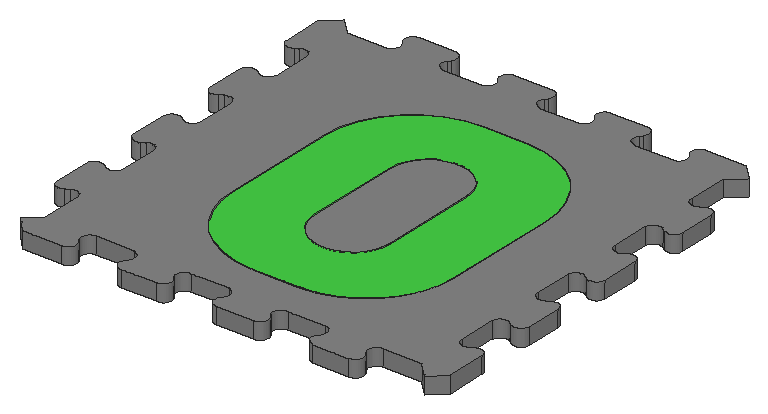
Revit family "Kids_Toy", category Generic Models, Revit 2021 (continued)
Forms (mm)
  Extrusion 13, solid, material "09", visible <- "NUM_9"
    sketch origin (-250, -250, 0) x (1, 0, 0) y (0, 1, 0)
      loop
        arc (197.33, 517.678) -> (188.46, 512.295) -> (189.139, 501.942) r 10
        line (189.139, 501.942) -> (191.858, 498.058)
        arc (191.858, 498.058) -> (192.537, 487.705) -> (183.667, 482.322) r 10
        line (183.667, 482.322) -> (137.33, 482.322)
        arc (137.33, 482.322) -> (128.46, 487.705) -> (129.139, 498.058) r 10
        line (129.139, 498.058) -> (131.858, 501.942)
        arc (131.858, 501.942) -> (132.537, 512.295) -> (123.667, 517.678) r 10
        line (123.667, 517.678) -> (79.509, 517.678)
        arc (79.509, 517.678) -> (70.639, 512.295) -> (71.318, 501.942) r 10
        line (71.318, 501.942) -> (74.037, 498.058)
        arc (74.037, 498.058) -> (74.716, 487.705) -> (65.846, 482.322) r 10
        line (65.846, 482.322) -> (17.678, 482.322) -> (0, 500) -> (-17.678, 482.322) -> (-17.678, 434.154)
        arc (-17.678, 434.154) -> (-12.295, 425.284) -> (-1.942, 425.963) r 10
        line (-1.942, 425.963) -> (1.942, 428.682)
        arc (1.942, 428.682) -> (12.295, 429.361) -> (17.678, 420.491) r 10
        line (17.678, 420.491) -> (17.678, 374.154)
        arc (17.678, 374.154) -> (12.295, 365.284) -> (1.942, 365.963) r 10
        line (1.942, 365.963) -> (-1.942, 368.682)
        arc (-1.942, 368.682) -> (-12.295, 369.361) -> (-17.678, 360.491) r 10
        line (-17.678, 360.491) -> (-17.678, 316.832)
        arc (-17.678, 316.832) -> (-12.295, 307.962) -> (-1.942, 308.64) r 10
        line (-1.942, 308.64) -> (1.942, 311.36)
        arc (1.942, 311.36) -> (12.295, 312.038) -> (17.678, 303.168) r 10
        line (17.678, 303.168) -> (17.678, 256.832)
        arc (17.678, 256.832) -> (12.295, 247.962) -> (1.942, 248.64) r 10
        line (1.942, 248.64) -> (-1.942, 251.36)
        arc (-1.942, 251.36) -> (-12.295, 252.038) -> (-17.678, 243.168) r 10
        line (-17.678, 243.168) -> (-17.678, 197.33)
        arc (-17.678, 197.33) -> (-12.295, 188.46) -> (-1.942, 189.139) r 10
        line (-1.942, 189.139) -> (1.942, 191.858)
        arc (1.942, 191.858) -> (12.295, 192.537) -> (17.678, 183.667) r 10
        line (17.678, 183.667) -> (17.678, 137.33)
        arc (17.678, 137.33) -> (12.295, 128.46) -> (1.942, 129.139) r 10
        line (1.942, 129.139) -> (-1.942, 131.858)
        arc (-1.942, 131.858) -> (-12.295, 132.537) -> (-17.678, 123.667) r 10
        line (-17.678, 123.667) -> (-17.678, 79.509)
        arc (-17.678, 79.509) -> (-12.295, 70.639) -> (-1.942, 71.318) r 10
        line (-1.942, 71.318) -> (1.942, 74.037)
        arc (1.942, 74.037) -> (12.295, 74.716) -> (17.678, 65.846) r 10
        line (17.678, 65.846) -> (17.678, 17.678) -> (0, 0)
      loop
        arc (236.18, 420.291) -> (127.245, 311.694) -> (235.503, 202.422) r 108.936
        line (235.503, 202.422) -> (306.172, 202.422)
        arc (306.172, 202.422) -> (280.218, 140.345) -> (219.524, 169.387) r 46.425
        line (219.524, 169.387) -> (128.092, 156.537)
        arc (128.092, 156.537) -> (164.107, 88.419) -> (236.18, 61.168) r 108.936
        line (236.18, 61.168) -> (291.18, 61.168)
        arc (291.18, 61.168) -> (368.209, 93.075) -> (400.115, 170.104) r 108.936
        line (400.115, 170.104) -> (400.115, 311.355)
        arc (400.115, 311.355) -> (368.209, 388.384) -> (291.18, 420.291) r 108.936
        line (291.18, 420.291) -> (236.18, 420.291)
      loop
        arc (312.469, 306.521) -> (266.053, 353.833) -> (219.637, 306.521) r 46.425
        arc (219.637, 306.521) -> (266.053, 259.21) -> (312.469, 306.521) r 46.425
    from 0 to 20
  Extrusion 14, solid, material "02", visible <- "NUM_9"
    sketch origin (-250, -250, 0) x (1, 0, 0) y (0, 1, 0)
      loop
        arc (236.18, 420.291) -> (127.245, 311.694) -> (235.503, 202.422) r 108.936
        line (235.503, 202.422) -> (306.172, 202.422)
        arc (306.172, 202.422) -> (280.218, 140.345) -> (219.524, 169.387) r 46.425
        line (219.524, 169.387) -> (128.092, 156.537)
        arc (128.092, 156.537) -> (164.107, 88.419) -> (236.18, 61.168) r 108.936
        line (236.18, 61.168) -> (291.18, 61.168)
        arc (291.18, 61.168) -> (368.209, 93.075) -> (400.115, 170.104) r 108.936
        line (400.115, 170.104) -> (400.115, 311.355)
        arc (400.115, 311.355) -> (368.209, 388.384) -> (291.18, 420.291) r 108.936
        line (291.18, 420.291) -> (236.18, 420.291)
      loop
        arc (312.469, 306.521) -> (266.053, 353.833) -> (219.637, 306.521) r 46.425
        arc (219.637, 306.521) -> (266.053, 259.21) -> (312.469, 306.521) r 46.425
    from 0 to 20
  Extrusion 15, solid, material "00", visible <- "NUM_0"
    sketch origin (-250, -250, 0) x (1, 0, 0) y (0, 1, 0)
      loop
        line (0, 0) -> (17.678, -17.678) -> (65.846, -17.678)
        arc (65.846, -17.678) -> (74.716, -12.295) -> (74.037, -1.942) r 10
        line (74.037, -1.942) -> (71.318, 1.942)
        arc (71.318, 1.942) -> (70.639, 12.295) -> (79.509, 17.678) r 10
        line (79.509, 17.678) -> (125.846, 17.678)
        arc (125.846, 17.678) -> (134.716, 12.295) -> (134.037, 1.942) r 10
        line (134.037, 1.942) -> (131.318, -1.942)
        arc (131.318, -1.942) -> (130.639, -12.295) -> (139.509, -17.678) r 10
        line (139.509, -17.678) -> (183.168, -17.678)
        arc (183.168, -17.678) -> (192.038, -12.295) -> (191.36, -1.942) r 10
        line (191.36, -1.942) -> (188.64, 1.942)
        arc (188.64, 1.942) -> (187.962, 12.295) -> (196.832, 17.678) r 10
        line (196.832, 17.678) -> (243.168, 17.678)
        arc (243.168, 17.678) -> (252.038, 12.295) -> (251.36, 1.942) r 10
        line (251.36, 1.942) -> (248.64, -1.942)
        arc (248.64, -1.942) -> (247.962, -12.295) -> (256.832, -17.678) r 10
        line (256.832, -17.678) -> (302.67, -17.678)
        arc (302.67, -17.678) -> (311.54, -12.295) -> (310.861, -1.942) r 10
        line (310.861, -1.942) -> (308.142, 1.942)
        arc (308.142, 1.942) -> (307.463, 12.295) -> (316.333, 17.678) r 10
        line (316.333, 17.678) -> (362.67, 17.678)
        arc (362.67, 17.678) -> (371.54, 12.295) -> (370.861, 1.942) r 10
        line (370.861, 1.942) -> (368.142, -1.942)
        arc (368.142, -1.942) -> (367.463, -12.295) -> (376.333, -17.678) r 10
        line (376.333, -17.678) -> (420.491, -17.678)
        arc (420.491, -17.678) -> (429.361, -12.295) -> (428.682, -1.942) r 10
        line (428.682, -1.942) -> (425.963, 1.942)
        arc (425.963, 1.942) -> (425.284, 12.295) -> (434.154, 17.678) r 10
        line (434.154, 17.678) -> (482.322, 17.678) -> (500, 0) -> (517.678, 17.678) -> (517.678, 65.846)
        arc (517.678, 65.846) -> (512.295, 74.716) -> (501.942, 74.037) r 10
        line (501.942, 74.037) -> (498.058, 71.318)
        arc (498.058, 71.318) -> (487.705, 70.639) -> (482.322, 79.509) r 10
        line (482.322, 79.509) -> (482.322, 125.846)
        arc (482.322, 125.846) -> (487.705, 134.716) -> (498.058, 134.037) r 10
        line (498.058, 134.037) -> (501.942, 131.318)
        arc (501.942, 131.318) -> (512.295, 130.639) -> (517.678, 139.509) r 10
        line (517.678, 139.509) -> (517.678, 183.168)
        arc (517.678, 183.168) -> (512.295, 192.038) -> (501.942, 191.36) r 10
        line (501.942, 191.36) -> (498.058, 188.64)
        arc (498.058, 188.64) -> (487.705, 187.962) -> (482.322, 196.832) r 10
        line (482.322, 196.832) -> (482.322, 243.168)
        arc (482.322, 243.168) -> (487.705, 252.038) -> (498.058, 251.36) r 10
        line (498.058, 251.36) -> (501.942, 248.64)
        arc (501.942, 248.64) -> (512.295, 247.962) -> (517.678, 256.832) r 10
        line (517.678, 256.832) -> (517.678, 302.67)
        arc (517.678, 302.67) -> (512.295, 311.54) -> (501.942, 310.861) r 10
        line (501.942, 310.861) -> (498.058, 308.142)
        arc (498.058, 308.142) -> (487.705, 307.463) -> (482.322, 316.333) r 10
        line (482.322, 316.333) -> (482.322, 362.67)
        arc (482.322, 362.67) -> (487.705, 371.54) -> (498.058, 370.861) r 10
        line (498.058, 370.861) -> (501.942, 368.142)
        arc (501.942, 368.142) -> (512.295, 367.463) -> (517.678, 376.333) r 10
        line (517.678, 376.333) -> (517.678, 420.491)
        arc (517.678, 420.491) -> (512.295, 429.361) -> (501.942, 428.682) r 10
        line (501.942, 428.682) -> (498.058, 425.963)
        arc (498.058, 425.963) -> (487.705, 425.284) -> (482.322, 434.154) r 10
        line (482.322, 434.154) -> (482.322, 482.322) -> (500, 500) -> (482.322, 517.678) -> (434.154, 517.678)
        arc (434.154, 517.678) -> (425.284, 512.295) -> (425.963, 501.942) r 10
        line (425.963, 501.942) -> (428.682, 498.058)
        arc (428.682, 498.058) -> (429.361, 487.705) -> (420.491, 482.322) r 10
        line (420.491, 482.322) -> (374.154, 482.322)
        arc (374.154, 482.322) -> (365.284, 487.705) -> (365.963, 498.058) r 10
        line (365.963, 498.058) -> (368.682, 501.942)
        arc (368.682, 501.942) -> (369.361, 512.295) -> (360.491, 517.678) r 10
        line (360.491, 517.678) -> (316.832, 517.678)
        arc (316.832, 517.678) -> (307.962, 512.295) -> (308.64, 501.942) r 10
        line (308.64, 501.942) -> (311.36, 498.058)
        arc (311.36, 498.058) -> (312.038, 487.705) -> (303.168, 482.322) r 10
        line (303.168, 482.322) -> (256.832, 482.322)
        arc (256.832, 482.322) -> (247.962, 487.705) -> (248.64, 498.058) r 10
        line (248.64, 498.058) -> (251.36, 501.942)
        arc (251.36, 501.942) -> (252.038, 512.295) -> (243.168, 517.678) r 10
        line (243.168, 517.678) -> (197.33, 517.678)
        arc (197.33, 517.678) -> (188.46, 512.295) -> (189.139, 501.942) r 10
        line (189.139, 501.942) -> (191.858, 498.058)
        arc (191.858, 498.058) -> (192.537, 487.705) -> (183.667, 482.322) r 10
        line (183.667, 482.322) -> (137.33, 482.322)
        arc (137.33, 482.322) -> (128.46, 487.705) -> (129.139, 498.058) r 10
        line (129.139, 498.058) -> (131.858, 501.942)
        arc (131.858, 501.942) -> (132.537, 512.295) -> (123.667, 517.678) r 10
        line (123.667, 517.678) -> (79.509, 517.678)
        arc (79.509, 517.678) -> (70.639, 512.295) -> (71.318, 501.942) r 10
        line (71.318, 501.942) -> (74.037, 498.058)
        arc (74.037, 498.058) -> (74.716, 487.705) -> (65.846, 482.322) r 10
        line (65.846, 482.322) -> (17.678, 482.322) -> (0, 500) -> (-17.678, 482.322) -> (-17.678, 434.154)
        arc (-17.678, 434.154) -> (-12.295, 425.284) -> (-1.942, 425.963) r 10
        line (-1.942, 425.963) -> (1.942, 428.682)
        arc (1.942, 428.682) -> (12.295, 429.361) -> (17.678, 420.491) r 10
        line (17.678, 420.491) -> (17.678, 374.154)
        arc (17.678, 374.154) -> (12.295, 365.284) -> (1.942, 365.963) r 10
        line (1.942, 365.963) -> (-1.942, 368.682)
        arc (-1.942, 368.682) -> (-12.295, 369.361) -> (-17.678, 360.491) r 10
        line (-17.678, 360.491) -> (-17.678, 316.832)
        arc (-17.678, 316.832) -> (-12.295, 307.962) -> (-1.942, 308.64) r 10
        line (-1.942, 308.64) -> (1.942, 311.36)
        arc (1.942, 311.36) -> (12.295, 312.038) -> (17.678, 303.168) r 10
        line (17.678, 303.168) -> (17.678, 256.832)
        arc (17.678, 256.832) -> (12.295, 247.962) -> (1.942, 248.64) r 10
        line (1.942, 248.64) -> (-1.942, 251.36)
        arc (-1.942, 251.36) -> (-12.295, 252.038) -> (-17.678, 243.168) r 10
        line (-17.678, 243.168) -> (-17.678, 197.33)
        arc (-17.678, 197.33) -> (-12.295, 188.46) -> (-1.942, 189.139) r 10
        line (-1.942, 189.139) -> (1.942, 191.858)
        arc (1.942, 191.858) -> (12.295, 192.537) -> (17.678, 183.667) r 10
        line (17.678, 183.667) -> (17.678, 137.33)
        arc (17.678, 137.33) -> (12.295, 128.46) -> (1.942, 129.139) r 10
        line (1.942, 129.139) -> (-1.942, 131.858)
        arc (-1.942, 131.858) -> (-12.295, 132.537) -> (-17.678, 123.667) r 10
        line (-17.678, 123.667) -> (-17.678, 79.509)
        arc (-17.678, 79.509) -> (-12.295, 70.639) -> (-1.942, 71.318) r 10
        line (-1.942, 71.318) -> (1.942, 74.037)
        arc (1.942, 74.037) -> (12.295, 74.716) -> (17.678, 65.846) r 10
        line (17.678, 65.846) -> (17.678, 17.678) -> (0, 0)
      loop
        arc (236.18, 420.291) -> (159.15, 388.384) -> (127.244, 311.355) r 108.936
        line (127.244, 311.355) -> (127.244, 170.104)
        arc (127.244, 170.104) -> (159.15, 93.075) -> (236.18, 61.168) r 108.936
        line (236.18, 61.168) -> (291.18, 61.168)
        arc (291.18, 61.168) -> (368.209, 93.075) -> (400.115, 170.104) r 108.936
        line (400.115, 170.104) -> (400.115, 311.355)
        arc (400.115, 311.355) -> (368.209, 388.384) -> (291.18, 420.291) r 108.936
        line (291.18, 420.291) -> (236.18, 420.291)
      loop
        arc (310.104, 300.882) -> (263.68, 347.307) -> (217.255, 300.882) r 46.425
        line (217.255, 300.882) -> (217.255, 183.724)
        arc (217.255, 183.724) -> (263.68, 137.299) -> (310.104, 183.724) r 46.425
        line (310.104, 183.724) -> (310.104, 300.882)
    from 0 to 20
  Extrusion 16, solid, material "03", visible <- "NUM_0"
    sketch origin (-250, -250, 0) x (1, 0, 0) y (0, 1, 0)
      loop
        arc (236.18, 420.291) -> (159.15, 388.384) -> (127.244, 311.355) r 108.936
        line (127.244, 311.355) -> (127.244, 170.104)
        arc (127.244, 170.104) -> (159.15, 93.075) -> (236.18, 61.168) r 108.936
        line (236.18, 61.168) -> (291.18, 61.168)
        arc (291.18, 61.168) -> (368.209, 93.075) -> (400.115, 170.104) r 108.936
        line (400.115, 170.104) -> (400.115, 311.355)
        arc (400.115, 311.355) -> (368.209, 388.384) -> (291.18, 420.291) r 108.936
        line (291.18, 420.291) -> (236.18, 420.291)
      loop
        arc (310.104, 300.882) -> (263.68, 347.307) -> (217.255, 300.882) r 46.425
        line (217.255, 300.882) -> (217.255, 183.724)
        arc (217.255, 183.724) -> (263.68, 137.299) -> (310.104, 183.724) r 46.425
        line (310.104, 183.724) -> (310.104, 300.882)
    from 0 to 20
  Extrusion 17, solid, material "06", visible <- "NUM_6"
    sketch origin (-250, -250, 0) x (1, 0, 0) y (0, 1, 0)
      loop
        line (0, 0) -> (17.678, -17.678) -> (65.846, -17.678)
        arc (65.846, -17.678) -> (74.716, -12.295) -> (74.037, -1.942) r 10
        line (74.037, -1.942) -> (71.318, 1.942)
        arc (71.318, 1.942) -> (70.639, 12.295) -> (79.509, 17.678) r 10
        line (79.509, 17.678) -> (125.846, 17.678)
        arc (125.846, 17.678) -> (134.716, 12.295) -> (134.037, 1.942) r 10
        line (134.037, 1.942) -> (131.318, -1.942)
        arc (131.318, -1.942) -> (130.639, -12.295) -> (139.509, -17.678) r 10
        line (139.509, -17.678) -> (183.168, -17.678)
        arc (183.168, -17.678) -> (192.038, -12.295) -> (191.36, -1.942) r 10
        line (191.36, -1.942) -> (188.64, 1.942)
        arc (188.64, 1.942) -> (187.962, 12.295) -> (196.832, 17.678) r 10
        line (196.832, 17.678) -> (243.168, 17.678)
        arc (243.168, 17.678) -> (252.038, 12.295) -> (251.36, 1.942) r 10
        line (251.36, 1.942) -> (248.64, -1.942)
        arc (248.64, -1.942) -> (247.962, -12.295) -> (256.832, -17.678) r 10
        line (256.832, -17.678) -> (302.67, -17.678)
        arc (302.67, -17.678) -> (311.54, -12.295) -> (310.861, -1.942) r 10
        line (310.861, -1.942) -> (308.142, 1.942)
        arc (308.142, 1.942) -> (307.463, 12.295) -> (316.333, 17.678) r 10
        line (316.333, 17.678) -> (362.67, 17.678)
        arc (362.67, 17.678) -> (371.54, 12.295) -> (370.861, 1.942) r 10
        line (370.861, 1.942) -> (368.142, -1.942)
        arc (368.142, -1.942) -> (367.463, -12.295) -> (376.333, -17.678) r 10
        line (376.333, -17.678) -> (420.491, -17.678)
        arc (420.491, -17.678) -> (429.361, -12.295) -> (428.682, -1.942) r 10
        line (428.682, -1.942) -> (425.963, 1.942)
        arc (425.963, 1.942) -> (425.284, 12.295) -> (434.154, 17.678) r 10
        line (434.154, 17.678) -> (482.322, 17.678) -> (500, 0) -> (517.678, 17.678) -> (517.678, 65.846)
        arc (517.678, 65.846) -> (512.295, 74.716) -> (501.942, 74.037) r 10
        line (501.942, 74.037) -> (498.058, 71.318)
        arc (498.058, 71.318) -> (487.705, 70.639) -> (482.322, 79.509) r 10
        line (482.322, 79.509) -> (482.322, 125.846)
        arc (482.322, 125.846) -> (487.705, 134.716) -> (498.058, 134.037) r 10
        line (498.058, 134.037) -> (501.942, 131.318)
        arc (501.942, 131.318) -> (512.295, 130.639) -> (517.678, 139.509) r 10
        line (517.678, 139.509) -> (517.678, 183.168)
        arc (517.678, 183.168) -> (512.295, 192.038) -> (501.942, 191.36) r 10
        line (501.942, 191.36) -> (498.058, 188.64)
        arc (498.058, 188.64) -> (487.705, 187.962) -> (482.322, 196.832) r 10
        line (482.322, 196.832) -> (482.322, 243.168)
        arc (482.322, 243.168) -> (487.705, 252.038) -> (498.058, 251.36) r 10
        line (498.058, 251.36) -> (501.942, 248.64)
        arc (501.942, 248.64) -> (512.295, 247.962) -> (517.678, 256.832) r 10
        line (517.678, 256.832) -> (517.678, 302.67)
        arc (517.678, 302.67) -> (512.295, 311.54) -> (501.942, 310.861) r 10
        line (501.942, 310.861) -> (498.058, 308.142)
        arc (498.058, 308.142) -> (487.705, 307.463) -> (482.322, 316.333) r 10
        line (482.322, 316.333) -> (482.322, 362.67)
        arc (482.322, 362.67) -> (487.705, 371.54) -> (498.058, 370.861) r 10
        line (498.058, 370.861) -> (501.942, 368.142)
        arc (501.942, 368.142) -> (512.295, 367.463) -> (517.678, 376.333) r 10
        line (517.678, 376.333) -> (517.678, 420.491)
        arc (517.678, 420.491) -> (512.295, 429.361) -> (501.942, 428.682) r 10
        line (501.942, 428.682) -> (498.058, 425.963)
        arc (498.058, 425.963) -> (487.705, 425.284) -> (482.322, 434.154) r 10
        line (482.322, 434.154) -> (482.322, 482.322) -> (500, 500) -> (482.322, 517.678) -> (434.154, 517.678)
        arc (434.154, 517.678) -> (425.284, 512.295) -> (425.963, 501.942) r 10
        line (425.963, 501.942) -> (428.682, 498.058)
        arc (428.682, 498.058) -> (429.361, 487.705) -> (420.491, 482.322) r 10
        line (420.491, 482.322) -> (374.154, 482.322)
        arc (374.154, 482.322) -> (365.284, 487.705) -> (365.963, 498.058) r 10
        line (365.963, 498.058) -> (368.682, 501.942)
        arc (368.682, 501.942) -> (369.361, 512.295) -> (360.491, 517.678) r 10
        line (360.491, 517.678) -> (316.832, 517.678)
        arc (316.832, 517.678) -> (307.962, 512.295) -> (308.64, 501.942) r 10
        line (308.64, 501.942) -> (311.36, 498.058)
        arc (311.36, 498.058) -> (312.038, 487.705) -> (303.168, 482.322) r 10
        line (303.168, 482.322) -> (256.832, 482.322)
        arc (256.832, 482.322) -> (247.962, 487.705) -> (248.64, 498.058) r 10
        line (248.64, 498.058) -> (251.36, 501.942)
        arc (251.36, 501.942) -> (252.038, 512.295) -> (243.168, 517.678) r 10
        line (243.168, 517.678) -> (197.33, 517.678)
        arc (197.33, 517.678) -> (188.46, 512.295) -> (189.139, 501.942) r 10
        line (189.139, 501.942) -> (191.858, 498.058)
        arc (191.858, 498.058) -> (192.537, 487.705) -> (183.667, 482.322) r 10
        line (183.667, 482.322) -> (137.33, 482.322)
        arc (137.33, 482.322) -> (128.46, 487.705) -> (129.139, 498.058) r 10
        line (129.139, 498.058) -> (131.858, 501.942)
        arc (131.858, 501.942) -> (132.537, 512.295) -> (123.667, 517.678) r 10
        line (123.667, 517.678) -> (79.509, 517.678)
        arc (79.509, 517.678) -> (70.639, 512.295) -> (71.318, 501.942) r 10
        line (71.318, 501.942) -> (74.037, 498.058)
        arc (74.037, 498.058) -> (74.716, 487.705) -> (65.846, 482.322) r 10
        line (65.846, 482.322) -> (17.678, 482.322) -> (0, 500) -> (-17.678, 482.322) -> (-17.678, 434.154)
        arc (-17.678, 434.154) -> (-12.295, 425.284) -> (-1.942, 425.963) r 10
        line (-1.942, 425.963) -> (1.942, 428.682)
        arc (1.942, 428.682) -> (12.295, 429.361) -> (17.678, 420.491) r 10
        line (17.678, 420.491) -> (17.678, 374.154)
        arc (17.678, 374.154) -> (12.295, 365.284) -> (1.942, 365.963) r 10
        line (1.942, 365.963) -> (-1.942, 368.682)
        arc (-1.942, 368.682) -> (-12.295, 369.361) -> (-17.678, 360.491) r 10
        line (-17.678, 360.491) -> (-17.678, 316.832)
        arc (-17.678, 316.832) -> (-12.295, 307.962) -> (-1.942, 308.64) r 10
        line (-1.942, 308.64) -> (1.942, 311.36)
        arc (1.942, 311.36) -> (12.295, 312.038) -> (17.678, 303.168) r 10
        line (17.678, 303.168) -> (17.678, 256.832)
        arc (17.678, 256.832) -> (12.295, 247.962) -> (1.942, 248.64) r 10
        line (1.942, 248.64) -> (-1.942, 251.36)
        arc (-1.942, 251.36) -> (-12.295, 252.038) -> (-17.678, 243.168) r 10
        line (-17.678, 243.168) -> (-17.678, 197.33)
        arc (-17.678, 197.33) -> (-12.295, 188.46) -> (-1.942, 189.139) r 10
        line (-1.942, 189.139) -> (1.942, 191.858)
        arc (1.942, 191.858) -> (12.295, 192.537) -> (17.678, 183.667) r 10
        line (17.678, 183.667) -> (17.678, 137.33)
        arc (17.678, 137.33) -> (12.295, 128.46) -> (1.942, 129.139) r 10
        line (1.942, 129.139) -> (-1.942, 131.858)
        arc (-1.942, 131.858) -> (-12.295, 132.537) -> (-17.678, 123.667) r 10
        line (-17.678, 123.667) -> (-17.678, 79.509)
        arc (-17.678, 79.509) -> (-12.295, 70.639) -> (-1.942, 71.318) r 10
        line (-1.942, 71.318) -> (1.942, 74.037)
        arc (1.942, 74.037) -> (12.295, 74.716) -> (17.678, 65.846) r 10
        line (17.678, 65.846) -> (17.678, 17.678) -> (0, 0)
      loop
        line (235.761, 312.111) -> (270.845, 426.867) -> (193.469, 426.867) -> (129.984, 242.491)
        arc (129.984, 242.491) -> (308.221, 86.851) -> (235.761, 312.111) r 122.791
      loop
        arc (241.004, 241.431) -> (198.092, 188.931) -> (241.004, 136.431) r 53.571
        arc (241.004, 136.431) -> (283.917, 188.931) -> (241.004, 241.431) r 53.571
    from 0 to 20
  Extrusion 18, solid, material "04", visible <- "NUM_6"
    sketch origin (-250, -250, 0) x (1, 0, 0) y (0, 1, 0)
      loop
        line (235.761, 312.111) -> (270.845, 426.867) -> (193.469, 426.867) -> (129.984, 242.491)
        arc (129.984, 242.491) -> (308.221, 86.851) -> (235.761, 312.111) r 122.791
      loop
        arc (241.004, 241.431) -> (198.092, 188.931) -> (241.004, 136.431) r 53.571
        arc (241.004, 136.431) -> (283.917, 188.931) -> (241.004, 241.431) r 53.571
    from 0 to 20
  Extrusion 19, solid, material "05", visible <- "NUM_5"
    sketch origin (-250, -250, 0) x (1, 0, 0) y (0, 1, 0)
      loop
        line (0, 0) -> (17.678, -17.678) -> (65.846, -17.678)
        arc (65.846, -17.678) -> (74.716, -12.295) -> (74.037, -1.942) r 10
        line (74.037, -1.942) -> (71.318, 1.942)
        arc (71.318, 1.942) -> (70.639, 12.295) -> (79.509, 17.678) r 10
        line (79.509, 17.678) -> (125.846, 17.678)
        arc (125.846, 17.678) -> (134.716, 12.295) -> (134.037, 1.942) r 10
        line (134.037, 1.942) -> (131.318, -1.942)
        arc (131.318, -1.942) -> (130.639, -12.295) -> (139.509, -17.678) r 10
        line (139.509, -17.678) -> (183.168, -17.678)
        arc (183.168, -17.678) -> (192.038, -12.295) -> (191.36, -1.942) r 10
        line (191.36, -1.942) -> (188.64, 1.942)
        arc (188.64, 1.942) -> (187.962, 12.295) -> (196.832, 17.678) r 10
        line (196.832, 17.678) -> (243.168, 17.678)
        arc (243.168, 17.678) -> (252.038, 12.295) -> (251.36, 1.942) r 10
        line (251.36, 1.942) -> (248.64, -1.942)
        arc (248.64, -1.942) -> (247.962, -12.295) -> (256.832, -17.678) r 10
        line (256.832, -17.678) -> (302.67, -17.678)
        arc (302.67, -17.678) -> (311.54, -12.295) -> (310.861, -1.942) r 10
        line (310.861, -1.942) -> (308.142, 1.942)
        arc (308.142, 1.942) -> (307.463, 12.295) -> (316.333, 17.678) r 10
        line (316.333, 17.678) -> (362.67, 17.678)
        arc (362.67, 17.678) -> (371.54, 12.295) -> (370.861, 1.942) r 10
        line (370.861, 1.942) -> (368.142, -1.942)
        arc (368.142, -1.942) -> (367.463, -12.295) -> (376.333, -17.678) r 10
        line (376.333, -17.678) -> (420.491, -17.678)
        arc (420.491, -17.678) -> (429.361, -12.295) -> (428.682, -1.942) r 10
        line (428.682, -1.942) -> (425.963, 1.942)
        arc (425.963, 1.942) -> (425.284, 12.295) -> (434.154, 17.678) r 10
        line (434.154, 17.678) -> (482.322, 17.678) -> (500, 0) -> (517.678, 17.678) -> (517.678, 65.846)
        arc (517.678, 65.846) -> (512.295, 74.716) -> (501.942, 74.037) r 10
        line (501.942, 74.037) -> (498.058, 71.318)
        arc (498.058, 71.318) -> (487.705, 70.639) -> (482.322, 79.509) r 10
        line (482.322, 79.509) -> (482.322, 125.846)
        arc (482.322, 125.846) -> (487.705, 134.716) -> (498.058, 134.037) r 10
        line (498.058, 134.037) -> (501.942, 131.318)
        arc (501.942, 131.318) -> (512.295, 130.639) -> (517.678, 139.509) r 10
        line (517.678, 139.509) -> (517.678, 183.168)
        arc (517.678, 183.168) -> (512.295, 192.038) -> (501.942, 191.36) r 10
        line (501.942, 191.36) -> (498.058, 188.64)
        arc (498.058, 188.64) -> (487.705, 187.962) -> (482.322, 196.832) r 10
        line (482.322, 196.832) -> (482.322, 243.168)
        arc (482.322, 243.168) -> (487.705, 252.038) -> (498.058, 251.36) r 10
        line (498.058, 251.36) -> (501.942, 248.64)
        arc (501.942, 248.64) -> (512.295, 247.962) -> (517.678, 256.832) r 10
        line (517.678, 256.832) -> (517.678, 302.67)
        arc (517.678, 302.67) -> (512.295, 311.54) -> (501.942, 310.861) r 10
        line (501.942, 310.861) -> (498.058, 308.142)
        arc (498.058, 308.142) -> (487.705, 307.463) -> (482.322, 316.333) r 10
        line (482.322, 316.333) -> (482.322, 362.67)
        arc (482.322, 362.67) -> (487.705, 371.54) -> (498.058, 370.861) r 10
        line (498.058, 370.861) -> (501.942, 368.142)
        arc (501.942, 368.142) -> (512.295, 367.463) -> (517.678, 376.333) r 10
        line (517.678, 376.333) -> (517.678, 420.491)
        arc (517.678, 420.491) -> (512.295, 429.361) -> (501.942, 428.682) r 10
        line (501.942, 428.682) -> (498.058, 425.963)
        arc (498.058, 425.963) -> (487.705, 425.284) -> (482.322, 434.154) r 10
        line (482.322, 434.154) -> (482.322, 482.322) -> (500, 500) -> (482.322, 517.678) -> (434.154, 517.678)
        arc (434.154, 517.678) -> (425.284, 512.295) -> (425.963, 501.942) r 10
        line (425.963, 501.942) -> (428.682, 498.058)
        arc (428.682, 498.058) -> (429.361, 487.705) -> (420.491, 482.322) r 10
        line (420.491, 482.322) -> (374.154, 482.322)
        arc (374.154, 482.322) -> (365.284, 487.705) -> (365.963, 498.058) r 10
        line (365.963, 498.058) -> (368.682, 501.942)
        arc (368.682, 501.942) -> (369.361, 512.295) -> (360.491, 517.678) r 10
        line (360.491, 517.678) -> (316.832, 517.678)
        arc (316.832, 517.678) -> (307.962, 512.295) -> (308.64, 501.942) r 10
        line (308.64, 501.942) -> (311.36, 498.058)
        arc (311.36, 498.058) -> (312.038, 487.705) -> (303.168, 482.322) r 10
        line (303.168, 482.322) -> (256.832, 482.322)
        arc (256.832, 482.322) -> (247.962, 487.705) -> (248.64, 498.058) r 10
        line (248.64, 498.058) -> (251.36, 501.942)
        arc (251.36, 501.942) -> (252.038, 512.295) -> (243.168, 517.678) r 10
        line (243.168, 517.678) -> (197.33, 517.678)
        arc (197.33, 517.678) -> (188.46, 512.295) -> (189.139, 501.942) r 10
        line (189.139, 501.942) -> (191.858, 498.058)
        arc (191.858, 498.058) -> (192.537, 487.705) -> (183.667, 482.322) r 10
        line (183.667, 482.322) -> (137.33, 482.322)
        arc (137.33, 482.322) -> (128.46, 487.705) -> (129.139, 498.058) r 10
        line (129.139, 498.058) -> (131.858, 501.942)
        arc (131.858, 501.942) -> (132.537, 512.295) -> (123.667, 517.678) r 10
        line (123.667, 517.678) -> (79.509, 517.678)
        arc (79.509, 517.678) -> (70.639, 512.295) -> (71.318, 501.942) r 10
        line (71.318, 501.942) -> (74.037, 498.058)
        arc (74.037, 498.058) -> (74.716, 487.705) -> (65.846, 482.322) r 10
        line (65.846, 482.322) -> (17.678, 482.322) -> (0, 500) -> (-17.678, 482.322) -> (-17.678, 434.154)
        arc (-17.678, 434.154) -> (-12.295, 425.284) -> (-1.942, 425.963) r 10
        line (-1.942, 425.963) -> (1.942, 428.682)
        arc (1.942, 428.682) -> (12.295, 429.361) -> (17.678, 420.491) r 10
        line (17.678, 420.491) -> (17.678, 374.154)
        arc (17.678, 374.154) -> (12.295, 365.284) -> (1.942, 365.963) r 10
        line (1.942, 365.963) -> (-1.942, 368.682)
        arc (-1.942, 368.682) -> (-12.295, 369.361) -> (-17.678, 360.491) r 10
        line (-17.678, 360.491) -> (-17.678, 316.832)
        arc (-17.678, 316.832) -> (-12.295, 307.962) -> (-1.942, 308.64) r 10
        line (-1.942, 308.64) -> (1.942, 311.36)
        arc (1.942, 311.36) -> (12.295, 312.038) -> (17.678, 303.168) r 10
        line (17.678, 303.168) -> (17.678, 256.832)
        arc (17.678, 256.832) -> (12.295, 247.962) -> (1.942, 248.64) r 10
        line (1.942, 248.64) -> (-1.942, 251.36)
        arc (-1.942, 251.36) -> (-12.295, 252.038) -> (-17.678, 243.168) r 10
        line (-17.678, 243.168) -> (-17.678, 197.33)
        arc (-17.678, 197.33) -> (-12.295, 188.46) -> (-1.942, 189.139) r 10
        line (-1.942, 189.139) -> (1.942, 191.858)
        arc (1.942, 191.858) -> (12.295, 192.537) -> (17.678, 183.667) r 10
        line (17.678, 183.667) -> (17.678, 137.33)
        arc (17.678, 137.33) -> (12.295, 128.46) -> (1.942, 129.139) r 10
        line (1.942, 129.139) -> (-1.942, 131.858)
        arc (-1.942, 131.858) -> (-12.295, 132.537) -> (-17.678, 123.667) r 10
        line (-17.678, 123.667) -> (-17.678, 79.509)
        arc (-17.678, 79.509) -> (-12.295, 70.639) -> (-1.942, 71.318) r 10
        line (-1.942, 71.318) -> (1.942, 74.037)
        arc (1.942, 74.037) -> (12.295, 74.716) -> (17.678, 65.846) r 10
        line (17.678, 65.846) -> (17.678, 17.678) -> (0, 0)
      loop
        line (360.766, 431.529) -> (141.067, 420.015) -> (117.601, 228.896) -> (203.401, 218.361)
        arc (203.401, 218.361) -> (243.401, 250.132) -> (283.401, 218.361) r 41.066
        arc (283.401, 218.361) -> (285.694, 198.361) -> (283.401, 178.361) r 88.353
        arc (283.401, 178.361) -> (243.401, 146.591) -> (203.401, 178.361) r 41.066
        line (203.401, 178.361) -> (118.144, 178.361)
        arc (118.144, 178.361) -> (143.998, 99.152) -> (220.131, 65.296) r 102.53
        line (220.131, 65.296) -> (280.131, 65.296)
        arc (280.131, 65.296) -> (356.898, 115.31) -> (377.639, 204.552) r 122.737
        arc (377.639, 204.552) -> (321.445, 298.659) -> (212.31, 308.835) r 121.07
        line (212.31, 308.835) -> (218.773, 361.476) -> (364.284, 364.396) -> (360.766, 431.529)
    from 0 to 20
  Extrusion 20, solid, material "07", visible <- "NUM_5"
    sketch origin (-250, -250, 0) x (1, 0, 0) y (0, 1, 0)
      loop
        line (360.766, 431.529) -> (141.067, 420.015) -> (117.601, 228.896) -> (203.401, 218.361)
        arc (203.401, 218.361) -> (243.401, 250.132) -> (283.401, 218.361) r 41.066
        arc (283.401, 218.361) -> (285.694, 198.361) -> (283.401, 178.361) r 88.353
        arc (283.401, 178.361) -> (243.401, 146.591) -> (203.401, 178.361) r 41.066
        line (203.401, 178.361) -> (118.144, 178.361)
        arc (118.144, 178.361) -> (143.998, 99.152) -> (220.131, 65.296) r 102.53
        line (220.131, 65.296) -> (280.131, 65.296)
        arc (280.131, 65.296) -> (356.898, 115.31) -> (377.639, 204.552) r 122.737
        arc (377.639, 204.552) -> (321.445, 298.659) -> (212.31, 308.835) r 121.07
        line (212.31, 308.835) -> (218.773, 361.476) -> (364.284, 364.396) -> (360.766, 431.529)
    from 0 to 20
Dimensions and locks
  aligned and locked: level to plane 2
Types (9, lengths in mm): name | NUM_9 | NUM_7 | NUM_6 | NUM_5 | NUM_4 | NUM_3 | NUM_2 | NUM_1 | NUM_0
  01 | no | no | no | no | no | no | no | yes | no
  00 | no | no | no | no | no | no | no | no | yes
  02 | no | no | no | no | no | no | yes | no | no
  03 | no | no | no | no | no | yes | no | no | no
  04 | no | no | no | no | yes | no | no | no | no
  05 | no | no | no | yes | no | no | no | no | no
  06 | no | no | yes | no | no | no | no | no | no
  07 | no | yes | no | no | no | no | no | no | no
  09 | yes | no | no | no | no | no | no | no | no
